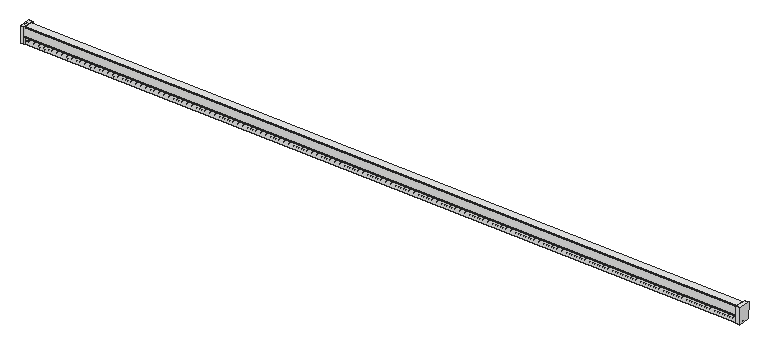
Revit family "S2232 updated", category Lighting Fixtures, host Face, Revit 2020 (continued)
Definition of nested family "D3_3000K"
  Nested families (in)
    nested 6: "Increment strip" at (9.9212, 18.35094, 0), Increment <- "Cutting Increment", LED <- "LED", Strip <- "Strip", Width <- "A", Height <- "D", BL flexFORM D3 <- "BL flexFORM D3", visible <- "BL flexFORM D3", type "Increment strip"
      with Width 0.4900", Strip none, LED none, Increment 2.4803", Height 0.0600", BL flexFORM D3 yes
    nested 7: "Increment strip" at (12.4015, 18.35094, 0), Increment <- "Cutting Increment", LED <- "LED", Strip <- "Strip", Width <- "A", Height <- "D", BL flexFORM D3 <- "BL flexFORM D3", visible <- "BL flexFORM D3", type "Increment strip"
      with Width 0.4900", Strip none, LED none, Increment 2.4803", Height 0.0600", BL flexFORM D3 yes
    nested 8: "Increment strip" at (14.8818, 18.35094, 0), Increment <- "Cutting Increment", LED <- "LED", Strip <- "Strip", Width <- "A", Height <- "D", BL flexFORM D3 <- "BL flexFORM D3", visible <- "BL flexFORM D3", type "Increment strip"
      with Width 0.4900", Strip none, LED none, Increment 2.4803", Height 0.0600", BL flexFORM D3 yes
  Definition of nested family "Increment strip"
    Parameters (values of type "Increment strip")
      Width [instance] = 0.48828"
      Strip [instance] = none
      LED [instance] = none
      Increment [instance] = 2.4600"
      Height [instance] = 0.05859"
      Default Elevation = 0.0000"
      BL flexFORM D3 [instance] = yes
    Reference planes (in)
      plane 1 "Center (Front/Back)": y = 0
      plane 2: z = 0
      plane 3 "Center (Left/Right)": x = 0
      plane 4: x = 2.46
      plane 5: y = -0.24414
      plane 6: y = 0.24414
      plane 7: z = -0.05859
      plane 8: x = 0.15625
      plane 9: x = 1.78125
      plane 10: y = 0.29944
    Forms (in)
      Sweep 1, solid, material <- "Strip", visible <- "BL flexFORM D3"
        path origin (0, 0, 0) x (1, 0, 0) y (0, 1, 0)
          loop
            line (2.46, 0) -> (0, 0)
        profile origin (1.23, 0, 0) x (0, -1, 0) y (0, 0, 1)
          loop
            line (-0.24414, -0.02648) -> (-0.24414, -0.05859) -> (0.24414, -0.05859) -> (0.24414, -0.02648) -> (-0.24414, -0.02648)
      Extrusion 2, solid, material <- "LED", visible <- "BL flexFORM D3"
        sketch origin (0.34633, 0, 0.03211) x (1, 0, 0) y (0, 1, 0)
          loop
            line (0.2693, 0.03937) -> (0.2693, -0.03937) -> (0.34804, -0.03937) -> (0.34804, 0.03937) -> (0.2693, 0.03937)
        from -0.05859 to -0.03211
      Extrusion 3, solid, material <- "LED", visible <- "BL flexFORM D3"
        sketch origin (0.01562, 0, 0.03211) x (1, 0, 0) y (0, 1, 0)
          loop
            line (0.2247, 0.03937) -> (0.2247, -0.03937) -> (0.30344, -0.03937) -> (0.30344, 0.03937) -> (0.2247, 0.03937)
        from -0.05859 to -0.03211
      Extrusion 4, solid, material <- "LED", visible <- "BL flexFORM D3"
        sketch origin (0.67704, 0, 0.03211) x (1, 0, 0) y (0, 1, 0)
          loop
            line (0.3139, 0.03937) -> (0.3139, -0.03937) -> (0.39264, -0.03937) -> (0.39264, 0.03937) -> (0.3139, 0.03937)
        from -0.05859 to -0.03211
      Extrusion 5, solid, material <- "LED", visible <- "BL flexFORM D3"
        sketch origin (0.97921, 0, 0.03211) x (1, 0, 0) y (0, 1, 0)
          loop
            line (0.38705, 0.03937) -> (0.38705, -0.03937) -> (0.46579, -0.03937) -> (0.46579, 0.03937) -> (0.38705, 0.03937)
        from -0.05859 to -0.03211
      Extrusion 6, solid, material <- "LED", visible <- "BL flexFORM D3"
        sketch origin (1.30992, 0, 0.03211) x (1, 0, 0) y (0, 1, 0)
          loop
            line (0.43165, 0.03937) -> (0.43165, -0.03937) -> (0.51039, -0.03937) -> (0.51039, 0.03937) -> (0.43165, 0.03937)
        from -0.05859 to -0.03211
      Extrusion 7, solid, material <- "LED", visible <- "BL flexFORM D3"
        sketch origin (2, 0, 0.03211) x (1, 0, 0) y (0, 1, 0)
          loop
            line (0.11688, 0.03937) -> (0.11688, -0.03937) -> (0.19562, -0.03937) -> (0.19562, 0.03937) -> (0.11688, 0.03937)
        from -0.05859 to -0.03211
    Dimensions and locks (in)
      "Increment": plane 3 "Center (Left/Right)" to plane 4
      equal spacing: plane 5, plane 1 "Center (Front/Back)", plane 6
      "Width": plane 5 to plane 6
      "Height": level to plane 7
      locked: Extrusion 2 sketch curve to Extrusion 2 sketch curve at 0.07874  (x2)
      locked: Extrusion 3 sketch curve to Extrusion 3 sketch curve at 0.07874  (x2)
      locked: Extrusion 4 sketch curve to Extrusion 4 sketch curve at 0.07874  (x2)
      locked: Extrusion 5 sketch curve to Extrusion 5 sketch curve at 0.07874  (x2)
      locked: Extrusion 6 sketch curve to Extrusion 6 sketch curve at 0.07874  (x2)
      locked: Extrusion 7 sketch curve to Extrusion 7 sketch curve at 0.07874  (x2)
      aligned and locked: plane 2 to level
      aligned and locked: Sweep 1 sketch curve to plane 1 "Center (Front/Back)"
      aligned and locked: plane 3 "Center (Left/Right)" to Sweep 1 sketch curve
      aligned and locked: plane 4 to Sweep 1 sketch curve
      aligned and locked: Sweep 1 sketch curve to plane 5
      aligned and locked: plane 6 to Sweep 1 sketch curve
      aligned and locked: Sweep 1 to plane 7
      aligned and locked: Extrusion 3 to Sweep 1
      aligned and locked: Extrusion 2 to Sweep 1
      aligned and locked: Extrusion 4 to Sweep 1
      aligned and locked: Extrusion 5 to Sweep 1
      aligned and locked: Extrusion 6 to Sweep 1
      aligned and locked: Extrusion 7 to Sweep 1
    Automatic sketch dimensions
      Sweep 1 sketch curve to level = 0.05859"
      Sweep 1 sketch curve to level = 0.02648"
      Extrusion 2 sketch curve to plane 1 "Center (Front/Back)" = 0.03937"
      plane 8 to Extrusion 2 sketch curve = 0.45938"
      plane 8 to Extrusion 3 sketch curve = 0.08407"
      plane 1 "Center (Front/Back)" to Extrusion 3 sketch curve = 0.03937"
      Extrusion 4 sketch curve to plane 1 "Center (Front/Back)" = 0.03937"
      plane 8 to Extrusion 4 sketch curve = 0.83469"
      Extrusion 5 sketch curve to plane 1 "Center (Front/Back)" = 0.03937"
      Extrusion 5 sketch curve to plane 9 = 0.41499"
      Extrusion 6 sketch curve to plane 1 "Center (Front/Back)" = 0.03937"
      Extrusion 6 sketch curve to plane 9 = 0.03968"
      plane 9 to Extrusion 7 sketch curve = 0.33563"
      plane 1 "Center (Front/Back)" to Extrusion 7 sketch curve = 0.03937"
Types (5): name | Wattage Comments | Rdwn | Product Name | Number of LED's | No Of Source | Model | Max Input Current | Lumen Output | Light Length | Lamp | LED Tape Page URL | LED Tape Documentation link | L1 | Increment | DFD3 Watt | DFD3 Lumens | DFD3 | D6 Watt | D6 Lumens | D6 | D3 Watt | D3 Lumens | D3 | D2 Watt | D2 Lumens | D2 | Color Option Available | CCT | Apparent Load | Actual No Of Source | Actual Light Length
  (no name) | "5.85 W/FT" | 30 | "D6" | "48 Diodes/FT" | 30 | "D6" | "5A" | "643 lm/FT" | 60.0000" | "LED,SMD 2835" | "https://bllighting.com/products/led-tape/d6" | "https://bllighting.com/wp-content/uploads/D6-Specification.pdf" | 60.0000" | 1.9685" | 21.6535 W | 2122.04 lm | no | 28.7893 W | 3138.04 lm | yes | 27.0669 W | 1813.48 lm | no | 14.7638 W | 1033.46 lm | no | "2700K,3000K,3500K,4000K" | "2700K,3000K,3500K,4000K" | 120 VA | 30 | 59.0550"
  643 lm per FT 5.85 W per FT - D6 | "5.85 W/FT" | 30 | "D6" | "48 Diodes/FT" | 30 | "D6" | "5A" | "643 lm/FT" | 60.0000" | "LED,SMD 2835" | "https://bllighting.com/products/led-tape/d6" | "https://bllighting.com/wp-content/uploads/D6-Specification.pdf" | 60.0000" | 1.9685" | 21.6535 W | 2122.04 lm | no | 28.7893 W | 3138.04 lm | yes | 27.0669 W | 1813.48 lm | no | 14.7638 W | 1033.46 lm | no | "2700K,3000K,3500K,4000K" | "2700K,3000K,3500K,4000K" | 120 VA | 30 | 59.0550"
  370 lm per FT 5.5 W per FT - D3 | "5.5 W/FT" | 19 | "D3" | "30 Diodes/FT" | 19 | "D3" | "5A" | "370 lm/FT" | 48.0000" | "LED,SMD 5060" | "https://bllighting.com/products/led-tape/d3" | "https://bllighting.com/wp-content/uploads/D3-Specification.pdf" | 48.0000" | 2.4803" | 17.2794 W | 1693.38 lm | no | 22.9738 W | 2504.14 lm | no | 21.5993 W | 1447.15 lm | yes | 11.7814 W | 824.7 lm | no | "2700K,3000K,3500K,4000K,6000K" | "2700K,3000K,3500K,4000K,6000K" | 120 VA | 19 | 47.1257"
  209 lm per FT 3.0W per FT - D2 | "3.0W/FT" | 4 | "D2" | "36 Diodes/FT" | 4 | "D2" | "5 A" | "209 lm/FT" | 7.8740" | "LED,SMD 3528" | "https://bllighting.com/products/led-tape/d2" | "https://bllighting.com/wp-content/uploads/D2-Specification.pdf" | 7.8740" | 1.9685" | 2.88713 W | 282.939 lm | no | 3.83858 W | 418.405 lm | no | 3.60892 W | 241.797 lm | no | 1.9685 W | 137.795 lm | yes | "2400K,2700K,3000K,3500K,4000K,5500K,RED,GREEN,BLUE,AMBER" | "2400K,2700K,3000K,3500K,4000K,5500K,RED,GREEN,BLUE,AMBER" | 120 VA | 4 | 7.8740"
  419 lm per FT 4.4 W per FT - DFD3 | "4.4W/FT" | 24 | "DFD3" | "146 Diodes/FT" | 24 | "DFD3" | "4A" | "419 lm/FT" | 48.0000" | 0.0000" | "https://bllighting.com/products/led-tape/dfd3" | "https://bllighting.com/wp-content/uploads/DFD3-Specification.pdf" | 48.0000" | 1.9685" | 17.3228 W | 1697.63 lm | yes | 23.0314 W | 2510.43 lm | no | 21.6535 W | 1450.78 lm | no | 11.811 W | 826.77 lm | no | "2400K,2700K,3000K,3500K,4000K" | "2400K,2700K,3000K,3500K,4000K" | 96 VA | 24 | 47.2440"
